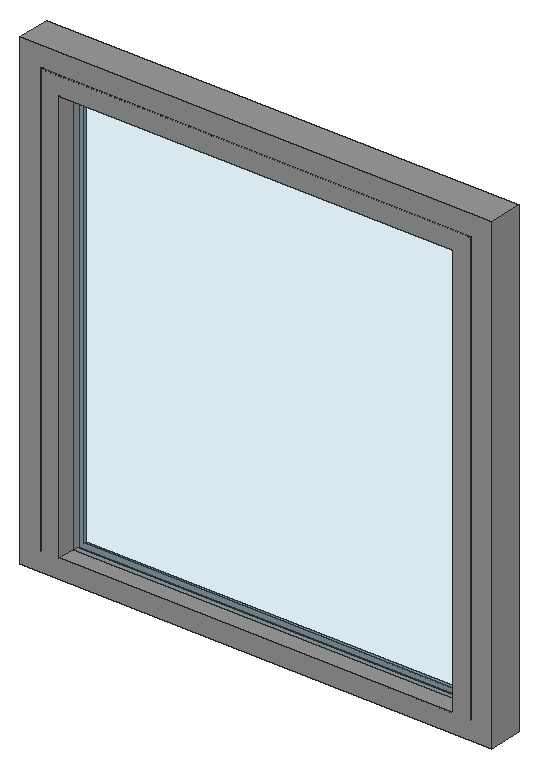
Revit family "Kawneer_Window_GT70s_Pos006", category Windows, host Wall, Revit 2020 (continued)
Definition of nested family "Kawneer_GT70s_Pos006"
  Definition of nested family "Kawneer_GT70s_Cill6"
    Lines and regions (mm)
      model lines, in view "Ref. Level", detail levels fine
        curve 76: arc (-17.587, -18.777, 0) -> (-17.568, -18.589, 0) -> (-17.402, -18.5, 0) r 0.2
        curve 77: arc (-16.973, -20.258, 0) -> (-16.712, -20.366, 0) -> (-16.82, -20.628, 0) r 0.2
        curve 78: arc (-18.55, -21.627, 0) -> (-18.85, -21.627, 0) -> (-19, -21.367, 0) r 0.3
        curve 79: arc (-19.7, -18, 0) -> (-19.205, -18.205, 0) -> (-19, -18.7, 0) r 0.7
        curve 80: arc (-22.5, -18.2, 0) -> (-22.441, -18.059, 0) -> (-22.3, -18, 0) r 0.2
        curve 81: arc (-22.5, -19.4, 0) -> (-22.559, -19.541, 0) -> (-22.7, -19.6, 0) r 0.2
        curve 82: arc (-22.8, -19.6, 0) -> (-23.507, -19.307, 0) -> (-23.8, -18.6, 0) r 1
        curve 83: arc (-23.8, -15.839, 0) -> (-23.526, -14.884, 0) -> (-22.788, -14.22, 0) r 1.8
        curve 84: arc (-22.788, -14.22, 0) -> (-22.594, -14.23, 0) -> (-22.5, -14.4, 0) r 0.2
        curve 85: arc (-22, -16.3, 0) -> (-22.354, -16.154, 0) -> (-22.5, -15.8, 0) r 0.5
        curve 86: arc (-19, -15.8, 0) -> (-19.146, -16.154, 0) -> (-19.5, -16.3, 0) r 0.5
        curve 87: arc (-19.5, -1.8, 0) -> (-19.146, -1.946, 0) -> (-19, -2.3, 0) r 0.5
        curve 88: arc (-22.5, -2.3, 0) -> (-22.354, -1.946, 0) -> (-22, -1.8, 0) r 0.5
        curve 89: arc (-22.5, -4, 0) -> (-22.589, -4.167, 0) -> (-22.778, -4.184, 0) r 0.2
        curve 90: arc (-22.778, -4.184, 0) -> (-23.667, -3.447, 0) -> (-24, -2.342, 0) r 2
        curve 91: arc (-24, -0.5, 0) -> (-23.854, -0.146, 0) -> (-23.5, 0, 0) r 0.5
        curve 92: arc (-15.25, -35.5, 0) -> (-15.674, -35.324, 0) -> (-15.85, -34.9, 0) r 0.6
        curve 93: arc (-15.85, -34.9, 0) -> (-15.674, -34.476, 0) -> (-15.25, -34.3, 0) r 0.6
        curve 94: arc (-6.464, -33.794, 0) -> (-6.608, -34.151, 0) -> (-6.964, -34.3, 0) r 0.5
        curve 95: arc (-6.697, -26.783, 0) -> (-6.545, -30.287, 0) -> (-6.464, -33.794, 0) r 172.05
        curve 96: arc (-7.395, -25.015, 0) -> (-6.905, -25.843, 0) -> (-6.697, -26.783, 0) r 3.049
        curve 97: arc (-8.779, -23.365, 0) -> (-9.328, -22.473, 0) -> (-9.481, -21.437, 0) r 2.599
        curve 98: arc (-9.548, -20.726, 0) -> (-9.498, -20.844, 0) -> (-9.481, -20.971, 0) r 0.5
        curve 99: arc (-10.4, -18.7, 0) -> (-10.341, -18.559, 0) -> (-10.2, -18.5, 0) r 0.2
        curve 100: arc (-9.179, -18.5, 0) -> (-8.92, -18.65, 0) -> (-8.92, -18.95, 0) r 0.3
        curve 101: arc (-7.88, -18.95, 0) -> (-8.4, -19.85, 0) -> (-8.92, -18.95, 0) r 0.6
        curve 102: arc (-7.88, -18.95, 0) -> (-7.88, -18.65, 0) -> (-7.621, -18.5, 0) r 0.3
        curve 103: arc (-6.8, -18.5, 0) -> (-6.659, -18.559, 0) -> (-6.6, -18.7, 0) r 0.2
        curve 104: arc (-6.355, -22.099, 0) -> (-6.886, -21.58, 0) -> (-7.103, -20.871, 0) r 1.5
        curve 105: arc (-5.55, -22.564, 0) -> (-5.184, -22.93, 0) -> (-5.05, -23.43, 0) r 1
        curve 106: arc (-5.05, -48.57, 0) -> (-5.184, -49.07, 0) -> (-5.55, -49.436, 0) r 1
        curve 107: arc (-7.103, -51.129, 0) -> (-6.886, -50.42, 0) -> (-6.355, -49.901, 0) r 1.5
        curve 108: arc (-6.6, -53.3, 0) -> (-6.659, -53.441, 0) -> (-6.8, -53.5, 0) r 0.2
        curve 109: arc (-7.621, -53.5, 0) -> (-7.88, -53.35, 0) -> (-7.88, -53.05, 0) r 0.3
        curve 110: arc (-8.92, -53.05, 0) -> (-8.4, -52.15, 0) -> (-7.88, -53.05, 0) r 0.6
        curve 111: arc (-8.92, -53.05, 0) -> (-8.92, -53.35, 0) -> (-9.179, -53.5, 0) r 0.3
        curve 112: arc (-10.2, -53.5, 0) -> (-10.341, -53.441, 0) -> (-10.4, -53.3, 0) r 0.2
        curve 113: arc (-9.481, -51.024, 0) -> (-9.498, -51.153, 0) -> (-9.548, -51.274, 0) r 0.5
        curve 114: arc (-9.481, -50.566, 0) -> (-9.301, -49.539, 0) -> (-8.78, -48.636, 0) r 2.996
        curve 115: arc (-6.697, -45.216, 0) -> (-6.902, -46.158, 0) -> (-7.395, -46.986, 0) r 3.002
        curve 116: arc (-6.45, -36, 0) -> (-6.512, -40.61, 0) -> (-6.697, -45.216, 0) r 172.47
        curve 117: arc (-6.95, -35.5, 0) -> (-6.596, -35.646, 0) -> (-6.45, -36, 0) r 0.5
        curve 118: arc (-8.15, -36.5, 0) -> (-7.726, -36.676, 0) -> (-7.55, -37.1, 0) r 0.6
        curve 119: arc (-7.55, -37.1, 0) -> (-7.726, -37.524, 0) -> (-8.15, -37.7, 0) r 0.6
        curve 120: arc (-17.536, -38.206, 0) -> (-17.392, -37.849, 0) -> (-17.036, -37.7, 0) r 0.5
        curve 121: arc (-17.303, -45.217, 0) -> (-17.455, -41.713, 0) -> (-17.536, -38.206, 0) r 172.05
        curve 122: arc (-16.605, -46.985, 0) -> (-17.095, -46.157, 0) -> (-17.303, -45.217, 0) r 3.049
        curve 123: arc (-15.221, -48.635, 0) -> (-14.672, -49.527, 0) -> (-14.519, -50.563, 0) r 2.599
        curve 124: arc (-14.452, -51.274, 0) -> (-14.502, -51.156, 0) -> (-14.519, -51.029, 0) r 0.5
        curve 125: arc (-13.6, -53.3, 0) -> (-13.659, -53.441, 0) -> (-13.8, -53.5, 0) r 0.2
        curve 126: arc (-14.821, -53.5, 0) -> (-15.08, -53.35, 0) -> (-15.08, -53.05, 0) r 0.3
        curve 127: arc (-16.12, -53.05, 0) -> (-15.6, -52.15, 0) -> (-15.08, -53.05, 0) r 0.6
        curve 128: arc (-16.12, -53.05, 0) -> (-16.12, -53.35, 0) -> (-16.379, -53.5, 0) r 0.3
        curve 129: arc (-17.2, -53.5, 0) -> (-17.341, -53.441, 0) -> (-17.4, -53.3, 0) r 0.2
        curve 130: arc (-17.645, -49.901, 0) -> (-17.114, -50.42, 0) -> (-16.897, -51.129, 0) r 1.5
        curve 131: arc (-18.45, -49.436, 0) -> (-18.816, -49.07, 0) -> (-18.95, -48.57, 0) r 1
        curve 132: arc (-19.45, -46, 0) -> (-19.093, -46.143, 0) -> (-18.95, -46.5, 0) r 0.49
        curve 133: arc (-22.45, -46.3, 0) -> (-22.362, -46.088, 0) -> (-22.15, -46, 0) r 0.3
        curve 134: arc (-22.45, -46.9, 0) -> (-22.596, -47.254, 0) -> (-22.95, -47.4, 0) r 0.5
        curve 135: arc (-22.95, -47.4, 0) -> (-23.304, -47.254, 0) -> (-23.45, -46.9, 0) r 0.5
        curve 136: arc (-23.45, -43.9, 0) -> (-23.303, -43.547, 0) -> (-22.95, -43.4, 0) r 0.502
        curve 137: arc (-22.95, -43.4, 0) -> (-22.596, -43.546, 0) -> (-22.45, -43.9, 0) r 0.5
        curve 138: arc (-22.15, -44.8, 0) -> (-22.362, -44.712, 0) -> (-22.45, -44.5, 0) r 0.3
        curve 139: arc (-18.95, -44.3, 0) -> (-19.096, -44.654, 0) -> (-19.45, -44.8, 0) r 0.5
        curve 140: arc (-18.95, -23.43, 0) -> (-18.816, -22.93, 0) -> (-18.45, -22.564, 0) r 1
        curve 141: arc (-16.897, -20.871, 0) -> (-17.114, -21.58, 0) -> (-17.645, -22.099, 0) r 1.5
        curve 142: arc (-17.4, -18.7, 0) -> (-17.341, -18.559, 0) -> (-17.2, -18.5, 0) r 0.2
        curve 143: arc (-16.379, -18.5, 0) -> (-16.12, -18.65, 0) -> (-16.12, -18.95, 0) r 0.3
        curve 144: arc (-15.08, -18.95, 0) -> (-15.6, -19.85, 0) -> (-16.12, -18.95, 0) r 0.6
        curve 145: arc (-15.08, -18.95, 0) -> (-15.08, -18.65, 0) -> (-14.821, -18.5, 0) r 0.3
        curve 146: arc (-13.8, -18.5, 0) -> (-13.659, -18.559, 0) -> (-13.6, -18.7, 0) r 0.2
        curve 147: arc (-14.519, -20.971, 0) -> (-14.502, -20.844, 0) -> (-14.452, -20.726, 0) r 0.5
        curve 148: arc (-14.519, -21.437, 0) -> (-14.7, -22.462, 0) -> (-15.22, -23.364, 0) r 2.996
        curve 149: arc (-17.303, -26.784, 0) -> (-17.098, -25.842, 0) -> (-16.605, -25.014, 0) r 3.002
        curve 150: arc (-17.55, -36, 0) -> (-17.488, -31.39, 0) -> (-17.303, -26.784, 0) r 172.47
        curve 151: arc (-17.05, -36.5, 0) -> (-17.404, -36.354, 0) -> (-17.55, -36, 0) r 0.5
        curve 152: arc (-8.3, -70.4, 0) -> (-8.359, -70.541, 0) -> (-8.5, -70.6, 0) r 0.2
        curve 153: arc (-8.3, -70.4, 0) -> (-8.241, -70.259, 0) -> (-8.1, -70.2, 0) r 0.2
        curve 154: arc (-6.8, -70, 0) -> (-6.859, -70.141, 0) -> (-7, -70.2, 0) r 0.2
        curve 155: arc (-6.8, -68.9, 0) -> (-6.741, -68.759, 0) -> (-6.6, -68.7, 0) r 0.2
        curve 156: arc (-6.4, -68.5, 0) -> (-6.459, -68.641, 0) -> (-6.6, -68.7, 0) r 0.2
        curve 157: arc (-6.6, -56.8, 0) -> (-6.459, -56.859, 0) -> (-6.4, -57, 0) r 0.2
        curve 158: arc (-6.6, -56.8, 0) -> (-6.741, -56.741, 0) -> (-6.8, -56.6, 0) r 0.2
        curve 159: arc (-7, -55.3, 0) -> (-6.859, -55.359, 0) -> (-6.8, -55.5, 0) r 0.2
        curve 160: arc (-8.1, -55.3, 0) -> (-8.2, -55.273, 0) -> (-8.273, -55.2, 0) r 0.2
        curve 161: arc (-8.446, -55.1, 0) -> (-8.346, -55.127, 0) -> (-8.273, -55.2, 0) r 0.2
        curve 162: arc (-15.727, -55.2, 0) -> (-15.654, -55.127, 0) -> (-15.554, -55.1, 0) r 0.2
        curve 163: arc (-15.727, -55.2, 0) -> (-15.8, -55.273, 0) -> (-15.9, -55.3, 0) r 0.2
        curve 164: arc (-17.2, -55.5, 0) -> (-17.141, -55.359, 0) -> (-17, -55.3, 0) r 0.2
        curve 165: arc (-17.2, -56.6, 0) -> (-17.259, -56.741, 0) -> (-17.4, -56.8, 0) r 0.2
        curve 166: arc (-17.6, -57, 0) -> (-17.541, -56.859, 0) -> (-17.4, -56.8, 0) r 0.2
        curve 167: arc (-17.4, -68.7, 0) -> (-17.541, -68.641, 0) -> (-17.6, -68.5, 0) r 0.2
        curve 168: arc (-17.4, -68.7, 0) -> (-17.259, -68.759, 0) -> (-17.2, -68.9, 0) r 0.2
        curve 169: arc (-17, -70.2, 0) -> (-17.141, -70.141, 0) -> (-17.2, -70, 0) r 0.2
        curve 170: arc (-15.9, -70.2, 0) -> (-15.759, -70.259, 0) -> (-15.7, -70.4, 0) r 0.2
        curve 171: arc (-15.5, -70.6, 0) -> (-15.641, -70.541, 0) -> (-15.7, -70.4, 0) r 0.2
        curve 172: arc (-38.5, -72, 0) -> (-38.854, -71.854, 0) -> (-39, -71.5, 0) r 0.5
        curve 173: arc (-39, -68.5, 0) -> (-38.854, -68.146, 0) -> (-38.5, -68, 0) r 0.5
        curve 174: arc (-37, -68, 0) -> (-36.646, -68.146, 0) -> (-36.5, -68.5, 0) r 0.5
        curve 175: arc (-36.5, -68.8, 0) -> (-36.559, -68.941, 0) -> (-36.7, -69, 0) r 0.2
        curve 176: arc (-37.8, -69.5, 0) -> (-37.654, -69.146, 0) -> (-37.3, -69, 0) r 0.5
        curve 177: arc (-37.3, -70.6, 0) -> (-37.654, -70.454, 0) -> (-37.8, -70.1, 0) r 0.5
        curve 178: arc (-32.2, -70.1, 0) -> (-32.346, -70.454, 0) -> (-32.7, -70.6, 0) r 0.5
        curve 179: arc (-32.7, -69, 0) -> (-32.346, -69.146, 0) -> (-32.2, -69.5, 0) r 0.5
        curve 180: arc (-33.3, -69, 0) -> (-33.441, -68.941, 0) -> (-33.5, -68.8, 0) r 0.2
        curve 181: arc (-33.5, -68.5, 0) -> (-33.354, -68.146, 0) -> (-33, -68, 0) r 0.5
        curve 182: arc (-29.9, -68, 0) -> (-29.5, -68.4, 0) -> (-29.9, -68.8, 0) r 0.4
        curve 183: arc (-31, -69, 0) -> (-30.941, -68.859, 0) -> (-30.8, -68.8, 0) r 0.2
        curve 184: arc (-30.5, -70.4, 0) -> (-30.854, -70.254, 0) -> (-31, -69.9, 0) r 0.5
        curve 185: arc (-19, -69.711, 0) -> (-19.143, -70.061, 0) -> (-19.489, -70.211, 0) r 0.5
        curve 186: arc (-19.5, -55.7, 0) -> (-19.146, -55.846, 0) -> (-19, -56.2, 0) r 0.5
        curve 187: arc (-22.5, -55.9, 0) -> (-22.441, -55.759, 0) -> (-22.3, -55.7, 0) r 0.2
        curve 188: arc (-22.5, -57.094, 0) -> (-22.559, -57.235, 0) -> (-22.7, -57.294, 0) r 0.2
        curve 189: arc (-22.7, -57.294, 0) -> (-23.266, -57.059, 0) -> (-23.5, -56.494, 0) r 0.8
        curve 190: arc (-23.5, -53.3, 0) -> (-23, -52.8, 0) -> (-22.5, -53.3, 0) r 0.5
        curve 191: arc (-22.2, -54.2, 0) -> (-22.412, -54.112, 0) -> (-22.5, -53.9, 0) r 0.3
        curve 192: arc (-19, -53.5, 0) -> (-19.205, -53.995, 0) -> (-19.7, -54.2, 0) r 0.7
        curve 193: arc (-19, -50.633, 0) -> (-18.85, -50.373, 0) -> (-18.55, -50.373, 0) r 0.3
        curve 194: arc (-16.82, -51.372, 0) -> (-16.712, -51.634, 0) -> (-16.973, -51.742, 0) r 0.2
        curve 195: arc (-17.402, -53.5, 0) -> (-17.568, -53.411, 0) -> (-17.587, -53.223, 0) r 0.2
        curve 196: arc (-13.6, -53.3, 0) -> (-13.659, -53.441, 0) -> (-13.8, -53.5, 0) r 0.2
        curve 197: arc (-14.386, -51.398, 0) -> (-14.616, -51.215, 0) -> (-14.416, -51, 0) r 0.2
        curve 198: arc (-14.039, -51, 0) -> (-13.246, -51.107, 0) -> (-12.51, -51.419, 0) r 3
        curve 199: arc (-11.49, -51.419, 0) -> (-12, -51.559, 0) -> (-12.51, -51.419, 0) r 1
        curve 200: arc (-11.49, -51.419, 0) -> (-10.754, -51.107, 0) -> (-9.961, -51, 0) r 3
        curve 201: arc (-9.584, -51, 0) -> (-9.385, -51.217, 0) -> (-9.618, -51.397, 0) r 0.2
        curve 202: arc (-10.2, -53.5, 0) -> (-10.341, -53.441, 0) -> (-10.4, -53.3, 0) r 0.2
        curve 203: arc (-6.413, -53.223, 0) -> (-6.432, -53.411, 0) -> (-6.598, -53.5, 0) r 0.2
        curve 204: arc (-7.027, -51.742, 0) -> (-7.288, -51.634, 0) -> (-7.18, -51.372, 0) r 0.2
        curve 205: arc (-5.45, -50.373, 0) -> (-5.15, -50.373, 0) -> (-5, -50.633, 0) r 0.3
        curve 206: arc (-4.3, -54, 0) -> (-4.795, -53.795, 0) -> (-5, -53.3, 0) r 0.7
        curve 207: arc (-1.5, -53.8, 0) -> (-1.559, -53.941, 0) -> (-1.7, -54, 0) r 0.2
        curve 208: arc (-1.5, -52.6, 0) -> (-1.441, -52.459, 0) -> (-1.3, -52.4, 0) r 0.2
        curve 209: arc (-1.2, -52.4, 0) -> (-0.493, -52.693, 0) -> (-0.2, -53.4, 0) r 1
        curve 210: arc (-0.2, -56.161, 0) -> (-0.474, -57.116, 0) -> (-1.212, -57.78, 0) r 1.8
        curve 211: arc (-1.212, -57.78, 0) -> (-1.406, -57.77, 0) -> (-1.5, -57.6, 0) r 0.2
        curve 212: arc (-2, -55.7, 0) -> (-1.646, -55.846, 0) -> (-1.5, -56.2, 0) r 0.5
        curve 213: arc (-5, -56.2, 0) -> (-4.854, -55.846, 0) -> (-4.5, -55.7, 0) r 0.5
        curve 214: arc (-4.5, -70.2, 0) -> (-4.854, -70.054, 0) -> (-5, -69.7, 0) r 0.5
        curve 215: arc (-1.5, -69.7, 0) -> (-1.646, -70.054, 0) -> (-2, -70.2, 0) r 0.5
        curve 216: arc (-1.5, -68, 0) -> (-1.411, -67.833, 0) -> (-1.222, -67.816, 0) r 0.2
        curve 217: arc (-1.222, -67.816, 0) -> (-0.333, -68.553, 0) -> (0, -69.658, 0) r 2
        curve 218: arc (0, -71.5, 0) -> (-0.146, -71.854, 0) -> (-0.5, -72, 0) r 0.5
        curve 219: arc (-18.95, -37.065, 0) -> (-23.564, -43.206, 0) -> (-31, -41.278, 0) r 6.903
        curve 220: arc (-31, -27.76, 0) -> (-25.095, -25.071, 0) -> (-18.95, -27.155, 0) r 8.809
        curve 221: arc (-37.6, -1.9, 0) -> (-37.454, -1.546, 0) -> (-37.1, -1.4, 0) r 0.5
        curve 222: arc (-36.717, -24.242, 0) -> (-37.271, -24.391, 0) -> (-37.6, -23.921, 0) r 0.5
        curve 223: arc (-26.007, -11.479, 0) -> (-25.835, -11.347, 0) -> (-25.624, -11.3, 0) r 0.5
        curve 224: arc (-23.65, -11.1, 0) -> (-23.709, -11.241, 0) -> (-23.85, -11.3, 0) r 0.2
        curve 225: arc (-23.85, -5.6, 0) -> (-23.709, -5.659, 0) -> (-23.65, -5.8, 0) r 0.2
        curve 226: arc (-24.065, -5.6, 0) -> (-25.315, -5.265, 0) -> (-26.23, -4.35, 0) r 2.5
        curve 227: arc (-28.222, -1.4, 0) -> (-27.972, -1.467, 0) -> (-27.789, -1.65, 0) r 0.5
        curve 228: arc (-24.7, 0, 0) -> (-24.346, -0.146, 0) -> (-24.2, -0.5, 0) r 0.5
        curve 229: arc (-24.2, -1, 0) -> (-24.259, -1.141, 0) -> (-24.4, -1.2, 0) r 0.2
        curve 230: arc (-25.999, -1.95, 0) -> (-25.999, -1.45, 0) -> (-25.566, -1.2, 0) r 0.5
        curve 231: arc (-24.123, -4.2, 0) -> (-24.623, -4.066, 0) -> (-24.989, -3.7, 0) r 1
        curve 232: arc (-22.95, -4.2, 0) -> (-22.596, -4.346, 0) -> (-22.45, -4.7, 0) r 0.5
        curve 233: arc (-22.302, -10.94, 0) -> (-22.409, -10.868, 0) -> (-22.45, -10.747, 0) r 0.2
        curve 234: arc (-20.562, -11.406, 0) -> (-19.76, -11.942, 0) -> (-19.45, -12.855, 0) r 1.5
        curve 235: arc (-19.45, -13.391, 0) -> (-19.651, -14.141, 0) -> (-20.2, -14.69, 0) r 1.5
        curve 236: arc (-21.834, -15.633, 0) -> (-21.955, -15.683, 0) -> (-22.084, -15.7, 0) r 0.5
        curve 237: arc (-22.4, -15.7, 0) -> (-22.541, -15.641, 0) -> (-22.6, -15.5, 0) r 0.2
        curve 238: arc (-21.75, -12.7, 0) -> (-21.288, -13.009, 0) -> (-21.396, -13.554, 0) r 0.5
        curve 239: arc (-36.7, -26.582, 0) -> (-36.67, -26.411, 0) -> (-36.583, -26.261, 0) r 0.5
        curve 240: arc (-36.7, -30.4, 0) -> (-36.846, -30.754, 0) -> (-37.2, -30.9, 0) r 0.5
        curve 241: arc (-38.5, -30.9, 0) -> (-38.854, -30.754, 0) -> (-39, -30.4, 0) r 0.5
        curve 242: arc (-39, -0.5, 0) -> (-38.854, -0.146, 0) -> (-38.5, 0, 0) r 0.5
        curve 243: arc (-36.397, -68.865, 0) -> (-36.441, -69.029, 0) -> (-36.594, -69.1, 0) r 0.2
        curve 244: arc (-36.914, -69.415, 0) -> (-36.928, -69.208, 0) -> (-36.75, -69.1, 0) r 0.2
        curve 245: arc (-36.33, -70.1, 0) -> (-36.422, -70.077, 0) -> (-36.494, -70.015, 0) r 0.2
        curve 246: arc (-35.592, -70, 0) -> (-35.665, -70.073, 0) -> (-35.765, -70.1, 0) r 0.2
        curve 247: arc (-35.173, -69.274, 0) -> (-35, -69.174, 0) -> (-34.827, -69.274, 0) r 0.2
        curve 248: arc (-34.235, -70.1, 0) -> (-34.335, -70.073, 0) -> (-34.408, -70, 0) r 0.2
        curve 249: arc (-33.506, -70.015, 0) -> (-33.578, -70.077, 0) -> (-33.67, -70.1, 0) r 0.2
        curve 250: arc (-33.25, -69.1, 0) -> (-33.073, -69.207, 0) -> (-33.086, -69.415, 0) r 0.2
        curve 251: arc (-33.406, -69.1, 0) -> (-33.559, -69.029, 0) -> (-33.603, -68.865, 0) r 0.2
        curve 252: arc (-31.211, -67.817, 0) -> (-31.275, -67.947, 0) -> (-31.41, -68, 0) r 0.2
        curve 253: arc (-31.034, -65, 0) -> (-30.886, -65.065, 0) -> (-30.835, -65.217, 0) r 0.2
        curve 254: arc (-32.94, -65.148, 0) -> (-32.868, -65.041, 0) -> (-32.747, -65, 0) r 0.2
        curve 255: arc (-33.101, -65.752, 0) -> (-33.173, -65.859, 0) -> (-33.295, -65.9, 0) r 0.2
        curve 256: arc (-36.706, -65.9, 0) -> (-36.827, -65.858, 0) -> (-36.899, -65.752, 0) r 0.2
        curve 257: arc (-37.253, -65, 0) -> (-37.132, -65.041, 0) -> (-37.06, -65.148, 0) r 0.2
        curve 258: arc (-39.165, -65.217, 0) -> (-39.114, -65.065, 0) -> (-38.966, -65, 0) r 0.2
        curve 259: arc (-38.59, -68, 0) -> (-38.725, -67.947, 0) -> (-38.789, -67.817, 0) r 0.2
        curve 260: line (-26.5, -49.646, 0) -> (-26.5, -22.646, 0)
        curve 261: line (-24, -49.146, 0) -> (-24, -23.146, 0)
        curve 262: line (-19.5, -51.646, 0) -> (-23.5, -51.646, 0)
        curve 263: line (-23.5, -51.646, 0) -> (-27.5, -51.646, 0)
        curve 264: line (-27.5, -51.646, 0) -> (-27.5, -49.646, 0)
        curve 265: line (-27.5, -49.646, 0) -> (-23.5, -49.646, 0)
        curve 266: line (-23.5, -49.646, 0) -> (-19.5, -49.646, 0)
        curve 267: line (-19, -68.146, 0) -> (-27.5, -68.146, 0)
        curve 268: line (-27.5, -68.146, 0) -> (-27.5, -63.146, 0)
        curve 269: line (-27.5, -63.146, 0) -> (-23.5, -63.146, 0)
        curve 270: line (-23.5, -63.146, 0) -> (-19.5, -63.146, 0)
        curve 271: line (-19, -63.646, 0) -> (-19, -70.2, 0)
        curve 272: line (-19, -70.2, 0) -> (-23, -70.2, 0)
        curve 273: line (-23, -70.2, 0) -> (-23, -68.146, 0)
        curve 274: line (-24, -52.146, 0) -> (-24, -62.646, 0)
        curve 275: line (-19, -50.146, 0) -> (-19, -51.146, 0)
        curve 276: line (-26.5, -63.146, 0) -> (-26.5, -51.646, 0)
        curve 277: line (-22, -20.646, 0) -> (-27.5, -20.646, 0)
        curve 278: line (-27.5, -20.646, 0) -> (-27.5, -22.646, 0)
        curve 279: line (-27.5, -22.646, 0) -> (-23.5, -22.646, 0)
        curve 280: line (-23.5, -22.646, 0) -> (-19.5, -22.646, 0)
        curve 281: line (-21.5, -18.646, 0) -> (-21.5, -20.146, 0)
        curve 282: line (-19, -22.146, 0) -> (-19, -18.646, 0)
        curve 283: line (-19, -18.646, 0) -> (-19, -21.367, 0)
        curve 284: line (-19.5, -18.146, 0) -> (-21, -18.146, 0)
        curve 285: line (-29, -23.646, 0) -> (-26.5, -23.646, 0)
        curve 286: line (-26.5, -23.646, 0) -> (-29, -67.146, 0)
        curve 287: line (-29, -67.146, 0) -> (-29, -23.646, 0)
        curve 288: line (-29, -23.646, 0) -> (-27.181, -63.146, 0)
        curve 289: line (-27.5, -67.146, 0) -> (-29, -67.146, 0)
        curve 290: line (-33.736, -30.94, 0) -> (-34.46, -31.008, 0)
        curve 291: line (-34.679, -30.934, 0) -> (-35.217, -30.356, 0)
        curve 292: line (-35.611, -30.412, 0) -> (-35.856, -30.867, 0)
        curve 293: line (-35.856, -30.867, 0) -> (-30.417, -36.998, 0)
        curve 294: line (-38.229, -33.173, 0) -> (-36.116, -31.028, 0)
        curve 295: line (-36.116, -31.028, 0) -> (-38.894, -31.028, 0)
        curve 296: line (-39.193, -30.679, 0) -> (-38.994, -28.242, 0)
        curve 297: line (-42.517, -37.028, 0) -> (-40.064, -37.028, 0)
        curve 298: line (-8.5, -1.4, 0) -> (-12, -1.4, 0)
        curve 299: line (-12, -1.4, 0) -> (-15.5, -1.4, 0)
        curve 300: line (-15.9, -1.8, 0) -> (-17, -1.8, 0)
        curve 301: line (-17.2, -2, 0) -> (-17.2, -3.013, 0)
        curve 302: line (-17.6, -3.413, 0) -> (-17.6, -9.306, 0)
        curve 303: line (-17.6, -9.306, 0) -> (-17.6, -15.2, 0)
        curve 304: line (-17.2, -15.6, 0) -> (-17.2, -16.5, 0)
        curve 305: line (-17, -16.7, 0) -> (-16.273, -16.7, 0)
        curve 306: line (-15.927, -16.9, 0) -> (-12, -16.9, 0)
        curve 307: line (-12, -16.9, 0) -> (-8.073, -16.9, 0)
        curve 308: line (-7.727, -16.7, 0) -> (-7, -16.7, 0)
        curve 309: line (-6.8, -16.5, 0) -> (-6.8, -15.6, 0)
        curve 310: line (-6.4, -15.2, 0) -> (-6.4, -9.306, 0)
        curve 311: line (-6.4, -9.306, 0) -> (-6.4, -3.413, 0)
        curve 312: line (-6.8, -3.013, 0) -> (-6.8, -2, 0)
        curve 313: line (-7, -1.8, 0) -> (-8.1, -1.8, 0)
        curve 314: line (-23.5, 0, 0) -> (-0.5, 0, 0)
        curve 315: line (0, -0.5, 0) -> (0, -2.342, 0)
        curve 316: line (-1.5, -4, 0) -> (-1.5, -2.3, 0)
        curve 317: line (-2, -1.8, 0) -> (-4.5, -1.8, 0)
        curve 318: line (-5, -2.3, 0) -> (-5, -15.8, 0)
        curve 319: line (-4.5, -16.3, 0) -> (-2, -16.3, 0)
        curve 320: line (-1.5, -15.8, 0) -> (-1.5, -14.4, 0)
        curve 321: line (-0.2, -15.839, 0) -> (-0.2, -18.6, 0)
        curve 322: line (-1.5, -19.4, 0) -> (-1.5, -18.2, 0)
        curve 323: line (-1.7, -18, 0) -> (-4.3, -18, 0)
        curve 324: line (-5, -18.7, 0) -> (-5, -21.367, 0)
        curve 325: line (-7.027, -20.258, 0) -> (-6.413, -18.777, 0)
        curve 326: line (-6.598, -18.5, 0) -> (-10.2, -18.5, 0)
        curve 327: line (-10.2, -18.5, 0) -> (-9.179, -18.5, 0)
        curve 328: line (-10.4, -18.7, 0) -> (-10.4, -19.24, 0)
        curve 329: line (-10.4, -19.24, 0) -> (-9.614, -20.602, 0)
        curve 330: line (-9.614, -20.602, 0) -> (-10.4, -19.25, 0)
        curve 331: line (-10.4, -19.25, 0) -> (-10.4, -18.7, 0)
        curve 332: line (-9.481, -21.437, 0) -> (-9.584, -21, 0)
        curve 333: line (-9.584, -21, 0) -> (-9.961, -21, 0)
        curve 334: line (-14.039, -21, 0) -> (-14.416, -21, 0)
        curve 335: line (-14.416, -21, 0) -> (-14.519, -21.437, 0)
        curve 336: line (-14.386, -20.602, 0) -> (-13.6, -19.24, 0)
        curve 337: line (-13.6, -19.24, 0) -> (-13.6, -18.7, 0)
        curve 338: line (-13.6, -18.7, 0) -> (-13.6, -19.25, 0)
        curve 339: line (-13.6, -19.25, 0) -> (-14.452, -20.726, 0)
        curve 340: line (-14.821, -18.5, 0) -> (-13.8, -18.5, 0)
        curve 341: line (-13.8, -18.5, 0) -> (-17.402, -18.5, 0)
        curve 342: line (-17.587, -18.777, 0) -> (-16.973, -20.258, 0)
        curve 343: line (-17.4, -18.7, 0) -> (-17.4, -19.581, 0)
        curve 344: line (-17.4, -19.581, 0) -> (-16.82, -20.628, 0)
        curve 345: line (-16.82, -20.628, 0) -> (-17.921, -21.264, 0)
        curve 346: line (-17.921, -21.264, 0) -> (-18.55, -21.627, 0)
        curve 347: line (-19.7, -18, 0) -> (-22.3, -18, 0)
        curve 348: line (-22.5, -18.2, 0) -> (-22.5, -19.4, 0)
        curve 349: line (-23.8, -18.6, 0) -> (-23.8, -15.839, 0)
        curve 350: line (-22.5, -14.4, 0) -> (-22.5, -15.8, 0)
        curve 351: line (-22.5, -15.8, 0) -> (-22.084, -15.7, 0)
        curve 352: line (-22, -16.3, 0) -> (-19.5, -16.3, 0)
        curve 353: line (-19, -15.8, 0) -> (-19, -2.3, 0)
        curve 354: line (-19.5, -1.8, 0) -> (-22, -1.8, 0)
        curve 355: line (-22.5, -2.3, 0) -> (-22.5, -4, 0)
        curve 356: line (-24, -2.342, 0) -> (-24, -0.5, 0)
        curve 357: line (-6.95, -35.5, 0) -> (-15.25, -35.5, 0)
        curve 358: line (-15.25, -34.3, 0) -> (-6.964, -34.3, 0)
        curve 359: line (-7.395, -25.015, 0) -> (-8.779, -23.365, 0)
        curve 360: line (-7.621, -18.5, 0) -> (-6.8, -18.5, 0)
        curve 361: line (-6.6, -18.7, 0) -> (-6.6, -19.581, 0)
        curve 362: line (-6.6, -19.581, 0) -> (-7.081, -20.742, 0)
        curve 363: line (-7.081, -20.742, 0) -> (-6.079, -21.264, 0)
        curve 364: line (-6.079, -21.264, 0) -> (-5.45, -21.627, 0)
        curve 365: line (-6.355, -22.099, 0) -> (-5.55, -22.564, 0)
        curve 366: line (-5.05, -23.43, 0) -> (-5.05, -48.57, 0)
        curve 367: line (-5.55, -49.436, 0) -> (-6.355, -49.901, 0)
        curve 368: line (-5.45, -50.373, 0) -> (-6.079, -50.736, 0)
        curve 369: line (-6.079, -50.736, 0) -> (-7.081, -51.258, 0)
        curve 370: line (-7.081, -51.258, 0) -> (-6.6, -52.419, 0)
        curve 371: line (-6.6, -52.419, 0) -> (-6.6, -53.3, 0)
        curve 372: line (-6.8, -53.5, 0) -> (-7.621, -53.5, 0)
        curve 373: line (-9.179, -53.5, 0) -> (-10.2, -53.5, 0)
        curve 374: line (-10.2, -53.5, 0) -> (-6.598, -53.5, 0)
        curve 375: line (-10.4, -53.3, 0) -> (-10.4, -52.76, 0)
        curve 376: line (-10.4, -52.75, 0) -> (-9.548, -51.274, 0)
        curve 377: line (-9.548, -51.274, 0) -> (-10.4, -52.76, 0)
        curve 378: line (-10.4, -52.76, 0) -> (-10.4, -53.3, 0)
        curve 379: line (-9.961, -51, 0) -> (-9.481, -51.024, 0)
        curve 380: line (-9.481, -51.024, 0) -> (-9.481, -50.566, 0)
        curve 381: line (-8.78, -48.636, 0) -> (-7.395, -46.986, 0)
        curve 382: line (-17.05, -36.5, 0) -> (-8.15, -36.5, 0)
        curve 383: line (-8.15, -37.7, 0) -> (-17.036, -37.7, 0)
        curve 384: line (-16.605, -46.985, 0) -> (-15.221, -48.635, 0)
        curve 385: line (-14.519, -50.563, 0) -> (-14.519, -51.024, 0)
        curve 386: line (-14.519, -51.024, 0) -> (-14.039, -51, 0)
        curve 387: line (-14.452, -51.274, 0) -> (-13.6, -52.75, 0)
        curve 388: line (-13.6, -52.75, 0) -> (-13.6, -53.3, 0)
        curve 389: line (-13.6, -53.3, 0) -> (-13.6, -52.76, 0)
        curve 390: line (-13.6, -52.76, 0) -> (-14.386, -51.398, 0)
        curve 391: line (-17.402, -53.5, 0) -> (-13.8, -53.5, 0)
        curve 392: line (-13.8, -53.5, 0) -> (-14.821, -53.5, 0)
        curve 393: line (-16.379, -53.5, 0) -> (-17.2, -53.5, 0)
        curve 394: line (-17.645, -49.901, 0) -> (-18.45, -49.436, 0)
        curve 395: line (-18.95, -48.57, 0) -> (-18.95, -46.5, 0)
        curve 396: line (-19.45, -46, 0) -> (-22.15, -46, 0)
        curve 397: line (-22.45, -46.3, 0) -> (-22.45, -46.9, 0)
        curve 398: line (-23.45, -46.9, 0) -> (-23.45, -43.9, 0)
        curve 399: line (-22.45, -43.9, 0) -> (-22.45, -44.5, 0)
        curve 400: line (-22.15, -44.8, 0) -> (-19.45, -44.8, 0)
        curve 401: line (-18.95, -44.3, 0) -> (-18.95, -23.43, 0)
        curve 402: line (-18.45, -22.564, 0) -> (-17.645, -22.099, 0)
        curve 403: line (-17.2, -18.5, 0) -> (-16.379, -18.5, 0)
        curve 404: line (-15.22, -23.364, 0) -> (-16.605, -25.014, 0)
        curve 405: line (-15.5, -70.6, 0) -> (-8.5, -70.6, 0)
        curve 406: line (-8.1, -70.2, 0) -> (-7, -70.2, 0)
        curve 407: line (-6.8, -70, 0) -> (-6.8, -68.9, 0)
        curve 408: line (-6.4, -68.5, 0) -> (-6.4, -57, 0)
        curve 409: line (-6.8, -56.6, 0) -> (-6.8, -55.5, 0)
        curve 410: line (-7, -55.3, 0) -> (-8.1, -55.3, 0)
        curve 411: line (-8.446, -55.1, 0) -> (-15.554, -55.1, 0)
        curve 412: line (-15.9, -55.3, 0) -> (-17, -55.3, 0)
        curve 413: line (-17.2, -55.5, 0) -> (-17.2, -56.6, 0)
        curve 414: line (-17.6, -57, 0) -> (-17.6, -68.5, 0)
        curve 415: line (-17.2, -68.9, 0) -> (-17.2, -70, 0)
        curve 416: line (-17, -70.2, 0) -> (-15.9, -70.2, 0)
        curve 417: line (-0.5, -72, 0) -> (-38.5, -72, 0)
        curve 418: line (-39, -71.5, 0) -> (-39, -68.5, 0)
        curve 419: line (-35.384, -69.639, 0) -> (-36.5, -68.5, 0)
        curve 420: line (-36.5, -68.5, 0) -> (-36.5, -68.8, 0)
        curve 421: line (-36.5, -68.8, 0) -> (-36.55, -68, 0)
        curve 422: line (-36.55, -68, 0) -> (-38.5, -68, 0)
        curve 423: line (-38.5, -68, 0) -> (-37, -68, 0)
        curve 424: line (-37, -68, 0) -> (-39.057, -65.967, 0)
        curve 425: line (-36.7, -69, 0) -> (-37.3, -69, 0)
        curve 426: line (-37.8, -69.5, 0) -> (-37.8, -70.1, 0)
        curve 427: line (-37.3, -70.6, 0) -> (-32.7, -70.6, 0)
        curve 428: line (-32.2, -70.1, 0) -> (-32.2, -69.5, 0)
        curve 429: line (-32.7, -69, 0) -> (-33.3, -69, 0)
        curve 430: line (-31.41, -68, 0) -> (-33.45, -68, 0)
        curve 431: line (-33.45, -68, 0) -> (-33.5, -68.8, 0)
        curve 432: line (-33.5, -68.8, 0) -> (-33.5, -68.5, 0)
        curve 433: line (-33.5, -68.5, 0) -> (-34.616, -69.639, 0)
        curve 434: line (-30.943, -65.967, 0) -> (-33, -68, 0)
        curve 435: line (-33, -68, 0) -> (-29.9, -68, 0)
        curve 436: line (-29.9, -68.8, 0) -> (-30.8, -68.8, 0)
        curve 437: line (-31, -69, 0) -> (-31, -69.9, 0)
        curve 438: line (-30.5, -70.4, 0) -> (-28, -70.4, 0)
        curve 439: line (-28, -70.4, 0) -> (-19.489, -70.211, 0)
        curve 440: line (-19, -69.711, 0) -> (-19, -56.2, 0)
        curve 441: line (-19.5, -55.7, 0) -> (-22.3, -55.7, 0)
        curve 442: line (-22.5, -55.9, 0) -> (-22.5, -57.094, 0)
        curve 443: line (-23.5, -56.494, 0) -> (-23.5, -53.3, 0)
        curve 444: line (-22.5, -53.3, 0) -> (-22.5, -53.9, 0)
        curve 445: line (-22.2, -54.2, 0) -> (-19.7, -54.2, 0)
        curve 446: line (-19, -53.5, 0) -> (-19, -50.633, 0)
        curve 447: line (-18.55, -50.373, 0) -> (-17.921, -50.736, 0)
        curve 448: line (-17.921, -50.736, 0) -> (-16.82, -51.372, 0)
        curve 449: line (-16.82, -51.372, 0) -> (-17.4, -52.419, 0)
        curve 450: line (-17.4, -52.419, 0) -> (-17.4, -53.3, 0)
        curve 451: line (-16.973, -51.742, 0) -> (-17.587, -53.223, 0)
        curve 452: line (-6.413, -53.223, 0) -> (-7.027, -51.742, 0)
        curve 453: line (-5, -50.633, 0) -> (-5, -53.3, 0)
        curve 454: line (-4.3, -54, 0) -> (-1.7, -54, 0)
        curve 455: line (-1.5, -53.8, 0) -> (-1.5, -52.6, 0)
        curve 456: line (-0.2, -53.4, 0) -> (-0.2, -56.161, 0)
        curve 457: line (-1.5, -57.6, 0) -> (-1.5, -56.2, 0)
        curve 458: line (-2, -55.7, 0) -> (-4.5, -55.7, 0)
        curve 459: line (-5, -56.2, 0) -> (-5, -69.7, 0)
        curve 460: line (-4.5, -70.2, 0) -> (-2, -70.2, 0)
        curve 461: line (-1.5, -69.7, 0) -> (-1.5, -68, 0)
        curve 462: line (0, -69.658, 0) -> (0, -71.5, 0)
        curve 463: line (-31, -28.595, 0) -> (-28.218, -25.813, 0)
        curve 464: line (-31, -32.131, 0) -> (-23.957, -25.087, 0)
        curve 465: line (-31, -35.666, 0) -> (-21.129, -25.795, 0)
        curve 466: line (-30.258, -41.996, 0) -> (-18.95, -30.687, 0)
        curve 467: line (-27.981, -43.253, 0) -> (-18.95, -34.223, 0)
        curve 468: line (-24.687, -43.495, 0) -> (-19.037, -37.846, 0)
        curve 469: line (-18.95, -28.595, 0) -> (-22.111, -25.434, 0)
        curve 470: line (-18.95, -32.131, 0) -> (-25.928, -25.152, 0)
        curve 471: line (-18.95, -35.666, 0) -> (-28.615, -26.001, 0)
        curve 472: line (-19.29, -38.861, 0) -> (-30.694, -27.458, 0)
        curve 473: line (-20.557, -41.13, 0) -> (-31, -30.687, 0)
        curve 474: line (-22.496, -42.727, 0) -> (-31, -34.223, 0)
        curve 475: line (-25.196, -43.562, 0) -> (-31, -37.758, 0)
        curve 476: line (-30.653, -41.641, 0) -> (-30.794, -41.499, 0)
        curve 477: line (-18.95, -37.065, 0) -> (-18.95, -33.865, 0)
        curve 478: line (-18.95, -33.865, 0) -> (-18.95, -27.155, 0)
        curve 479: line (-18.95, -27.155, 0) -> (-31, -39.202, 0)
        curve 480: line (-31, -27.76, 0) -> (-31, -41.278, 0)
        curve 481: line (-28.222, -1.4, 0) -> (-37.1, -1.4, 0)
        curve 482: line (-37.6, -1.9, 0) -> (-37.6, -23.921, 0)
        curve 483: line (-36.717, -24.242, 0) -> (-26.007, -11.479, 0)
        curve 484: line (-25.624, -11.3, 0) -> (-23.85, -11.3, 0)
        curve 485: line (-23.65, -11.1, 0) -> (-23.65, -5.8, 0)
        curve 486: line (-23.85, -5.6, 0) -> (-24.065, -5.6, 0)
        curve 487: line (-26.23, -4.35, 0) -> (-27.789, -1.65, 0)
        curve 488: line (-38.5, 0, 0) -> (-24.7, 0, 0)
        curve 489: line (-24.2, -0.5, 0) -> (-24.2, -1, 0)
        curve 490: line (-24.4, -1.2, 0) -> (-25.566, -1.2, 0)
        curve 491: line (-25.999, -1.95, 0) -> (-24.989, -3.7, 0)
        curve 492: line (-24.123, -4.2, 0) -> (-22.95, -4.2, 0)
        curve 493: line (-22.45, -4.7, 0) -> (-22.45, -10.747, 0)
        curve 494: line (-22.302, -10.94, 0) -> (-20.562, -11.406, 0)
        curve 495: line (-19.45, -12.855, 0) -> (-19.45, -13.391, 0)
        curve 496: line (-20.2, -14.69, 0) -> (-21.834, -15.633, 0)
        curve 497: line (-22.6, -15.5, 0) -> (-22.6, -14.84, 0)
        curve 498: line (-22.6, -14.84, 0) -> (-21.396, -13.554, 0)
        curve 499: line (-21.75, -12.7, 0) -> (-25.204, -12.7, 0)
        curve 500: line (-25.204, -12.7, 0) -> (-36.583, -26.261, 0)
        curve 501: line (-36.7, -26.582, 0) -> (-36.7, -30.4, 0)
        curve 502: line (-37.2, -30.9, 0) -> (-38.5, -30.9, 0)
        curve 503: line (-38.5, -30.9, 0) -> (-41.718, -34.638, 0)
        curve 504: line (-39, -30.4, 0) -> (-39, -0.5, 0)
        curve 505: line (-32.098, -65, 0) -> (-36.749, -69.651, 0)
        curve 506: line (-35.119, -65.9, 0) -> (-37.219, -68, 0)
        curve 507: line (-37.06, -65.148, 0) -> (-36.939, -65.599, 0)
        curve 508: line (-36.939, -65.599, 0) -> (-38.836, -67.495, 0)
        curve 509: line (-38.462, -65, 0) -> (-39.104, -65.642, 0)
        curve 510: line (-37.902, -65, 0) -> (-33.251, -69.651, 0)
        curve 511: line (-34.881, -65.9, 0) -> (-32.781, -68, 0)
        curve 512: line (-32.94, -65.148, 0) -> (-33.061, -65.599, 0)
        curve 513: line (-33.061, -65.599, 0) -> (-31.164, -67.495, 0)
        curve 514: line (-31.538, -65, 0) -> (-30.896, -65.642, 0)
        curve 515: line (-36.914, -69.415, 0) -> (-36.494, -70.015, 0)
        curve 516: line (-36.33, -70.1, 0) -> (-35.765, -70.1, 0)
        curve 517: line (-35.592, -70, 0) -> (-35.173, -69.274, 0)
        curve 518: line (-34.827, -69.274, 0) -> (-34.408, -70, 0)
        curve 519: line (-34.235, -70.1, 0) -> (-33.67, -70.1, 0)
        curve 520: line (-33.506, -70.015, 0) -> (-33.086, -69.415, 0)
        curve 521: line (-31.211, -67.817, 0) -> (-30.835, -65.217, 0)
        curve 522: line (-31.034, -65, 0) -> (-32.747, -65, 0)
        curve 523: line (-33.295, -65.9, 0) -> (-36.706, -65.9, 0)
        curve 524: line (-37.253, -65, 0) -> (-38.966, -65, 0)
        curve 525: line (-39.165, -65.217, 0) -> (-38.789, -67.817, 0)
        curve 526: line (-29.902, -35.614, 0) -> (-31.105, -36.903, 0)
        curve 527: line (-31.202, -34.735, 0) -> (-32.754, -36.398, 0)
        curve 528: line (-32.175, -33.504, 0) -> (-34.144, -35.614, 0)
        curve 529: line (-32.874, -31.98, 0) -> (-35.5, -34.793, 0)
        curve 530: line (-32.789, -32.183, 0) -> (-34.052, -30.97, 0)
        curve 531: line (-34.052, -30.97, 0) -> (-39.68, -37, 0)
        curve 532: line (-40.175, -35.257, 0) -> (-41.828, -37.028, 0)
        curve 533: line (-42.851, -35.851, 0) -> (-43.015, -36.027, 0)
        curve 534: line (-39.102, -29.562, 0) -> (-41.061, -31.661, 0)
        curve 535: line (-42.222, -35.714, 0) -> (-40.995, -37.028, 0)
        curve 536: line (-41.556, -34.155, 0) -> (-40.571, -35.209, 0)
        curve 537: line (-40.571, -35.209, 0) -> (-39.014, -36.878, 0)
        curve 538: line (-41.148, -32.319, 0) -> (-39.527, -34.055, 0)
        curve 539: line (-38.925, -34.701, 0) -> (-37.601, -36.119, 0)
        curve 540: line (-40.798, -30.421, 0) -> (-36.513, -35.012, 0)
        curve 541: line (-40.172, -28.819, 0) -> (-39.132, -29.933, 0)
        curve 542: line (-38.11, -31.028, 0) -> (-33.39, -36.085, 0)
        curve 543: line (-29.366, -35.851, 0) -> (-29.202, -36.027, 0)
      detail lines, in view "Ref. Level", detail levels coarse+medium
        curve 544: line (-29, -37, 0) -> (-39, -37, 0)
        curve 545: line (-39, -37, 0) -> (-39, 0, 0)
        curve 546: line (-39, 0, 0) -> (0, 0, 0)
        curve 547: line (0, 0, 0) -> (0, -72, 0)
        curve 548: line (0, -72, 0) -> (-39, -72, 0)
        curve 549: line (-39, -72, 0) -> (-39, -65, 0)
        curve 550: line (-39, -65, 0) -> (-29, -65, 0)
        curve 551: line (-29, -65, 0) -> (-29, -37, 0)
